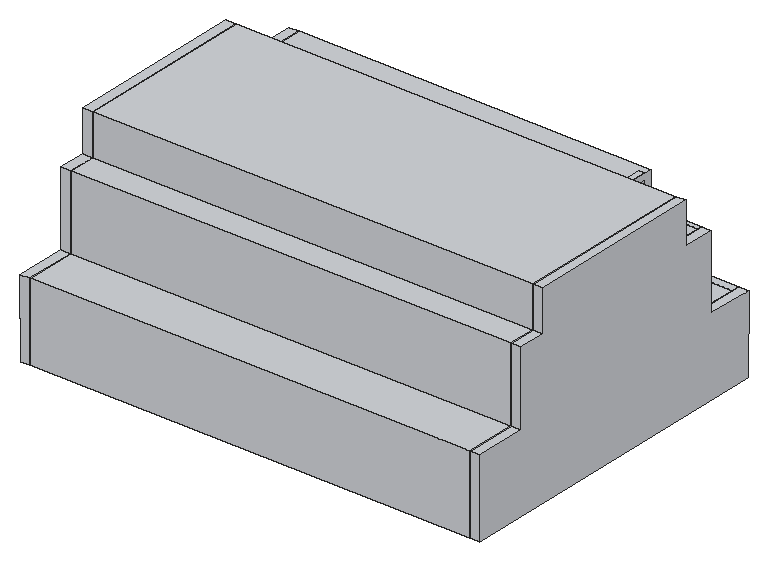
Revit family "Gira_128700", category Electrical Fixtures, host Face, Revit 2017
Family settings
  Host = Face
  Maintain Annotation Orientation = No
  Round Connector Dimension = Use Diameter
  Part Type = Normal
  Cut with Voids When Loaded = No
  Shared = No
  Room Calculation Point = No
Parameters (values of type "Audio ctrl.dev. DRA Door communication")
  URL = "https://www.gira.de/"
  Type Comments = ""
  Output voltage [Volt] Number = 12
  Model = ""
  Manufacturer = "Gira"
  Keynote = ""
  HeinzeBIM = "https://www.heinze.de/bim/audio-ctrl-dev-dra-door-communication/2c913e152b33b86ff14d9ba59fdf835af8299b99"
  HAN = "128700"
  GTIN = "4010337287001"
  Description = "Audio ctrl.dev.DRA Door Audio control device,DRA Features: - Control device to supply power to the audio components of the Gira door communication bus. - Power supply of the reverse-polarity protected and short-circuit-proof 2-wire bus. - Self-resetting electronic short-circuit and overload recognition of the operating voltage and the bus connection. - Buttons for system and door opener programming. - LED status indicators for operation, overload, system programming, and door opener programming. - AC 12 V output to supply power to a common door opener. - Permanent AC 12 V output to supply power to a DCS-TC gateway. - Relay output for switching a door opener with its own power supply. - Door opener time continuously adjustable from 1 to 10 seconds.,Notes : - The audio control device is intended to be installed in the sub-distribution. If this is not possible, use a common surface-mounted distributor. - This component enables door communication systems with up to 70 devices to be established (e.g. 1 x built-in loudspeaker, 5 x add-on modules for built-in loudspeakers, 68 x surface-mounted home stations)."
  Default Elevation = 1219.2 mm
  Cost = 0
  BIMSITE_PRODUCT_ID = "2c913e152b33b86ff14d9ba59fdf835af8299b99"
  BIM = "https://media.live.bim.site/t/eyJhbGciOiJIUzI1NiIsInR5cCI6IkpXVCJ9.eyJjdCI6MSwidGYiOiJwdWJsaWMvZ2lyYS8wOWY1ZGI1LzEyODcgMDBfUkVHIDYucmZhIiwiY2lkIjoiZmVkOThlOWEtMWJkOC00YzY4LWE3M2ItNzRhOTRlMzE1ODIzIiwicmlkIjoiMWY3ZTcyYTQ2MGFmYmJiMmVkMDkzOWM1N2EzMTgwYTkiLCJwaWQiOiIyYzkxM2UxNTJiMzNiODZmZjE0ZDliYTU5ZmRmODM1YWY4Mjk5Yjk5Iiwic2lkIjoiNjM0NzAiLCJ1dCI6NSwibGMiOiJlbiIsImlhdCI6MTYwNzQzMTU3OCwiaXNzIjoiaHR0cHM6Ly9hcGkubGl2ZS5iaW0uc2l0ZSIsInN1YiI6IjhkM2FhNWNiLWUwNjYtNDU5OC1iZTE2LTZlMTZlZTc0OTU2YSJ9.JZMtWfr2KaVIQBSY4cWxz82Fuy7O5h6UH2YEyXv27rg/1287 00_REG 6.rfa"
  Assembly Code = ""
Reference planes
  plane 1 "Center (Front/Back)": y = 0
  plane 2: z = 0
  plane 3 "Center (Left/Right)": x = 0
Forms (mm)
  Extrusion 1, solid, detail levels fine
    sketch origin (0, 0, 0) x (0, 1, 0) y (0, 0, 1)
      loop
        line (23, 49.5) -> (-23, 49.5) -> (-23, 39) -> (-30, 39) -> (-30, 20) -> (-43, 20) -> (-43, 0) -> (-41, 0) -> (-41, 18.5) -> (-28.5, 18.5) -> (-28.5, 37.5) -> (-21.5, 37.5) -> (-21.5, 45.5) -> (21.5, 45.5) -> (21.5, 37.5) -> (41, 37.5) -> (41, 0) -> (43, 0) -> (43, 39) -> (23, 39) -> (23, 49.5)
    from -56.45 to 56.45
  Extrusion 2, solid, detail levels fine
    sketch origin (-19.55, 0, 0) x (0, 1, 0) y (0, 0, 1)
      loop
        line (23, 49.5) -> (-23, 49.5) -> (-23, 39) -> (-30, 39) -> (-30, 20) -> (-43, 20) -> (-43, 0) -> (43, 0) -> (43, 20) -> (43, 39) -> (23, 39) -> (23, 49.5)
    from 76 to 78.5
  Extrusion 3, solid, detail levels fine
    sketch origin (19.55, 0, 0) x (0, 1, 0) y (0, 0, -1)
      loop
        line (23, -49.5) -> (23, -39) -> (43, -39) -> (43, -20) -> (43, 0) -> (-43, 0) -> (-43, -20) -> (-30, -20) -> (-30, -39) -> (-23, -39) -> (-23, -49.5) -> (23, -49.5)
    from 76 to 78.5
  Extrusion 4, solid, detail levels medium
    sketch origin (0, 0, 0) x (0, 1, 0) y (0, 0, 1)
      loop
        line (23, 49.5) -> (-23, 49.5) -> (-23, 39) -> (-30, 39) -> (-30, 20) -> (-43, 20) -> (-43, 0) -> (43, 0) -> (43, 20) -> (43, 39) -> (23, 39) -> (23, 49.5)
    from -58.95 to 58.95
  Extrusion 5, solid
    sketch origin (0, 0, 0) x (1, 0, 0) y (0, 1, 0)
      loop
        line (56.45, 41) -> (32.568, 41) -> (32.568, 30) -> (56.45, 30) -> (56.45, 41)
    from 18.5 to 39
  Extrusion 6, void
    sketch origin (0, 0, 0) x (1, 0, 0) y (0, 1, 0)
      loop
        line (58.95, 43) -> (33.95, 43) -> (33.95, 31.098) -> (58.95, 31.098) -> (58.95, 43)
    from 20 to 39
  Extrusion 7, solid, detail levels coarse
    sketch origin (0, 0, 0) x (1, 0, 0) y (0, 1, 0)
      loop
        line (-58.95, -43) -> (58.95, -43) -> (58.95, 43) -> (-58.95, 43) -> (-58.95, -43)
    from 0 to 49.5
Cuts and joins
  Extrusion 6 cuts Extrusion 1
  Extrusion 6 cuts Extrusion 2
  Extrusion 6 cuts Extrusion 4
  Extrusion 6 cuts Extrusion 5
Dimensions and locks
  aligned and locked: plane 2 to host face
  aligned and locked: level to host face
